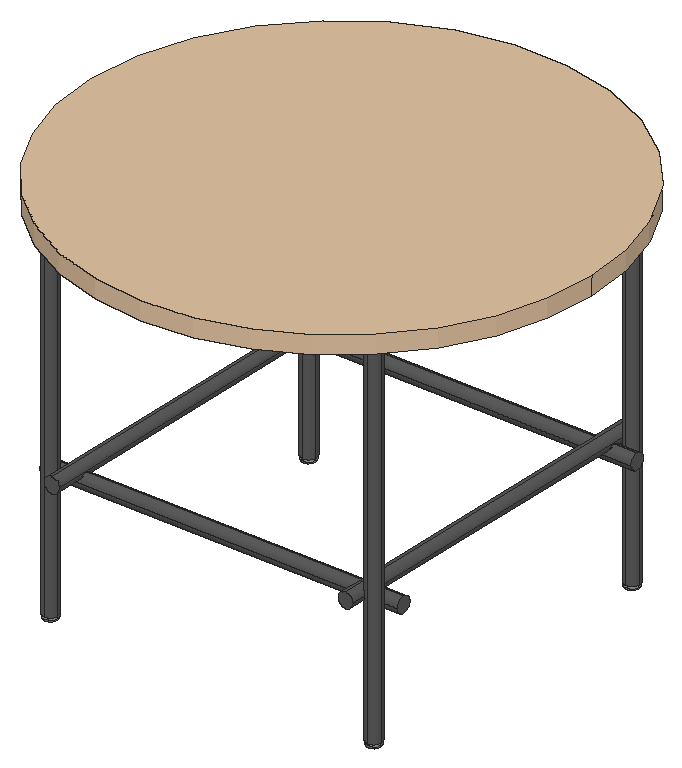
Revit family "FU_Modular_Sandler_NUC0110", category Furniture, Revit 2020
Family settings
  OmniClass Number = 23.40.20.00
  OmniClass Title = General Furniture and Specialties
  Work Plane-Based = No
  Always vertical = Yes
  Cut with Voids When Loaded = No
  Shared = No
  Room Calculation Point = No
Parameters (values of type "NUC0010")
  Width = 500 mm
  URL = "https://www.sandlerseating.com/product/nuc-0010/"
  Top [instance] = Wood - Oak - Natural - V
  Model = "NUC 0010"
  Manufacturer = "Sandler"
  Height = 380 mm
  Frame [instance] = Epoxy - M1_B00 - Black
  Description = "Ottoman on steel frame with upholstered seat. 50cm / 20″ diameter."
  Depth = 500 mm
  Default Elevation = 0 mm
Reference planes
  plane 1 "Center (Front/Back)": y = 0
  plane 2: z = 0
  plane 3 "Center (Left/Right)": x = 0
  plane 4 "Right": x = -250
  plane 5 "Left": x = 250
  plane 6 "Back": y = 250
  plane 7 "Front": y = -250
  plane 8 "Height": z = 380
  plane 9 "Seat base": z = 362
  plane 10 "Right Inner": x = -218
  plane 11 "Front Inner": y = -218
  plane 12 "Left Inner": x = 218
  plane 13 "Back Inner": y = 218
Forms (mm)
  Extrusion 1, solid, material "Wood - Oak - Natural - V" <- "Top"
    sketch origin (0, 0, 362) x (-1, 0, 0) y (0, -1, 0)
      loop
        circle (0, 0) r 250
    from 0 to 18
Dimensions and locks
  equal spacing: plane 4 "Right", plane 3 "Center (Left/Right)", plane 5 "Left"
  "Width": plane 4 "Right" to plane 5 "Left"
  equal spacing: plane 6 "Back", plane 1 "Center (Front/Back)", plane 7 "Front"
  "Depth": plane 6 "Back" to plane 7 "Front"
  "Height": plane 8 "Height" to level
  plane 8 "Height" to plane 9 "Seat base" = 18 mm
  locked: plane 6 "Back" to plane 13 "Back Inner" at 32
  locked: plane 4 "Right" to plane 10 "Right Inner" at 32
  locked: plane 11 "Front Inner" to plane 7 "Front" at 32
  locked: plane 12 "Left Inner" to plane 5 "Left" at 32
  aligned and locked: level to plane 2
Automatic sketch dimensions
  plane 1 "Center (Front/Back)" to Extrusion 1 sketch curve = 0 mm
  Extrusion 1 sketch curve to plane 3 "Center (Left/Right)" = 0 mm
  radius of Extrusion 1 sketch curve = 250 mm
Nested families
  nested 1: "NUC_Frame" at (0, 0, 0), Frame <- "Frame", type "Frame 010"
    with Frame Epoxy - M1_B00 - Black, Height 490 mm
Definition of nested family "NUC_Frame"
  Parameters (values of type "Frame 010")
    Width = 420 mm
    URL = ""
    Model = ""
    Manufacturer = ""
    Height = 495 mm
    Frame [instance] = none
    Description = ""
    Depth = 420 mm
    Default Elevation = 0 mm
  Reference planes
    plane 1 "Center (Front/Back)": y = 0
    plane 2: z = 0
    plane 3 "Center (Left/Right)": x = 0
    plane 4 "Right": x = -210
    plane 5 "Left": x = 210
    plane 6 "Back": y = 210
    plane 7 "Front": y = -210
    plane 8 "Height": z = 495
    plane 9 "Seat base": z = 380
    plane 10 "Cross Right TOP": x = -178.091
    plane 11 "Side Back TOP": y = 177.81
    plane 12 "RL CY TOP": x = -161.061
    plane 13 "RS C TOP": x = -145.848
    plane 14 "BL CX TOP": y = 160.755
    plane 15 "BC C TOP": y = 145.681
    plane 16 "Side Front TOP": y = -177.81
    plane 17 "FL CX TOP": y = -160.755
    plane 18 "FC C TOP": y = -145.229
    plane 19 "Cross Left TOP": x = 178.091
    plane 20 "FL CY TOP": x = 161.061
    plane 21 "LS C TOP": x = 146.785
    plane 22 "Glide FRONT": z = 5.5
    plane 23 "Cross C FRONT": z = 125.125
    plane 24 "Side C RIGHT": z = 132.455
  Forms (mm)
    Sweep 1, solid, material <- "Frame"
      path origin (0, 160.755, 0) x (1, 0, 0) y (0, 0, 1)
        loop
          line (-161.061, 5.5) -> (-161.061, 380)
      profile "Pro_Circles : 15mm" origin (-161.061, 160.755, 192.75) x (-1, 0, 0) y (0, -1, 0)
        loop
          arc (-7.467, 0.067) -> (-5.347, -5.252) -> (-0.067, -7.467) r 7.401
          arc (-0.067, -7.467) -> (5.3, -5.301) -> (7.467, 0.067) r 7.402
          arc (7.467, 0.067) -> (5.252, 5.347) -> (-0.067, 7.467) r 7.401
          arc (-0.067, 7.467) -> (-5.299, 5.299) -> (-7.467, 0.067) r 7.4
    Sweep 2, solid, material <- "Frame"
      path origin (0, -160.755, 0) x (1, 0, 0) y (0, 0, 1)
        loop
          line (-161.061, 5.5) -> (-161.061, 380)
      profile "Pro_Circles : 15mm" origin (-161.061, -160.755, 192.75) x (1, 0, 0) y (0, 1, 0)
        loop
          arc (7.467, 0.067) -> (5.299, 5.299) -> (0.067, 7.467) r 7.4
          arc (0.067, 7.467) -> (-5.252, 5.347) -> (-7.467, 0.067) r 7.401
          arc (-7.467, 0.067) -> (-5.3, -5.301) -> (0.067, -7.467) r 7.402
          arc (0.067, -7.467) -> (5.347, -5.252) -> (7.467, 0.067) r 7.401
    Sweep 3, solid, material <- "Frame"
      path origin (0, 160.755, 0) x (-1, 0, 0) y (0, 0, 1)
        loop
          line (-161.061, 5.5) -> (-161.061, 380)
      profile "Pro_Circles : 15mm" origin (161.061, 160.755, 192.75) x (-1, 0, 0) y (0, -1, 0)
        loop
          arc (7.467, 0.067) -> (5.299, 5.299) -> (0.067, 7.467) r 7.4
          arc (0.067, 7.467) -> (-5.252, 5.347) -> (-7.467, 0.067) r 7.401
          arc (-7.467, 0.067) -> (-5.3, -5.301) -> (0.067, -7.467) r 7.402
          arc (0.067, -7.467) -> (5.347, -5.252) -> (7.467, 0.067) r 7.401
    Sweep 4, solid, material <- "Frame"
      path origin (0, -160.755, 0) x (-1, 0, 0) y (0, 0, 1)
        loop
          line (-161.061, 5.5) -> (-161.061, 380)
      profile "Pro_Circles : 15mm" origin (161.061, -160.755, 192.75) x (1, 0, 0) y (0, 1, 0)
        loop
          arc (-7.467, 0.067) -> (-5.347, -5.252) -> (-0.067, -7.467) r 7.401
          arc (-0.067, -7.467) -> (5.3, -5.301) -> (7.467, 0.067) r 7.402
          arc (7.467, 0.067) -> (5.252, 5.347) -> (-0.067, 7.467) r 7.401
          arc (-0.067, 7.467) -> (-5.299, 5.299) -> (-7.467, 0.067) r 7.4
    Sweep 5, solid, material <- "Frame"
      path origin (0, 145.681, 0) x (1, 0, 0) y (0, 0, 1)
        loop
          line (-178.091, 125.125) -> (178.091, 125.125)
      profile "Pro_Circles : 15mm" origin (0, 145.681, 125.125) x (0, 0, 1) y (0, -1, 0)
        loop
          arc (-7.467, 0.067) -> (-5.347, -5.252) -> (-0.067, -7.467) r 7.401
          arc (-0.067, -7.467) -> (5.3, -5.301) -> (7.467, 0.067) r 7.402
          arc (7.467, 0.067) -> (5.252, 5.347) -> (-0.067, 7.467) r 7.401
          arc (-0.067, 7.467) -> (-5.299, 5.299) -> (-7.467, 0.067) r 7.4
    Sweep 6, solid, material <- "Frame"
      path origin (0, -145.229, 0) x (1, 0, 0) y (0, 0, 1)
        loop
          line (-178.091, 125.125) -> (178.091, 125.125)
      profile "Pro_Circles : 15mm" origin (0, -145.229, 125.125) x (0, 0, -1) y (0, 1, 0)
        loop
          arc (7.467, 0.067) -> (5.299, 5.299) -> (0.067, 7.467) r 7.4
          arc (0.067, 7.467) -> (-5.252, 5.347) -> (-7.467, 0.067) r 7.401
          arc (-7.467, 0.067) -> (-5.3, -5.301) -> (0.067, -7.467) r 7.402
          arc (0.067, -7.467) -> (5.347, -5.252) -> (7.467, 0.067) r 7.401
    Sweep 7, solid, material <- "Frame"
      path origin (0, 0, 132.455) x (0, -1, 0) y (1, 0, 0)
        loop
          line (177.81, -145.848) -> (-177.81, -145.848)
      profile "Pro_Circles : 15mm" origin (-145.848, 0, 132.455) x (-1, 0, 0) y (0, 0, 1)
        loop
          arc (-7.467, 0.067) -> (-5.347, -5.252) -> (-0.067, -7.467) r 7.401
          arc (-0.067, -7.467) -> (5.3, -5.301) -> (7.467, 0.067) r 7.402
          arc (7.467, 0.067) -> (5.252, 5.347) -> (-0.067, 7.467) r 7.401
          arc (-0.067, 7.467) -> (-5.299, 5.299) -> (-7.467, 0.067) r 7.4
    Sweep 8, solid, material <- "Frame"
      path origin (0, 0, 132.455) x (0, -1, 0) y (-1, 0, 0)
        loop
          line (177.81, -146.785) -> (-177.81, -146.785)
      profile "Pro_Circles : 15mm" origin (146.785, 0, 132.455) x (-1, 0, 0) y (0, 0, 1)
        loop
          arc (7.467, 0.067) -> (5.299, 5.299) -> (0.067, 7.467) r 7.4
          arc (0.067, 7.467) -> (-5.252, 5.347) -> (-7.467, 0.067) r 7.401
          arc (-7.467, 0.067) -> (-5.3, -5.301) -> (0.067, -7.467) r 7.402
          arc (0.067, -7.467) -> (5.347, -5.252) -> (7.467, 0.067) r 7.401
    Revolve 9, solid
      sketch origin (0, 160.755, 0) x (1, 0, 0) y (0, 0, 1)
        loop
          line (-168.073, 5.5) -> (-168.073, 2.935)
          arc (-168.073, 2.935) -> (-167.708, 1.769) -> (-166.742, 1.02) r 2.043
          arc (-166.742, 1.02) -> (-163.947, 0.256) -> (-161.061, -0.002) r 16.329
          line (-161.061, -0.002) -> (-161.061, 18.327) -> (-166.144, 18.327) -> (-166.144, 5.5) -> (-168.073, 5.5)
        axis (-161.061, 18.327) -> (-161.061, -0.002)
      angle from 0 to 360
    Revolve 10, solid
      sketch origin (0, 160.755, 0) x (-1, 0, 0) y (0, 0, 1)
        loop
          line (-168.073, 5.5) -> (-168.073, 2.935)
          arc (-168.073, 2.935) -> (-167.708, 1.769) -> (-166.742, 1.02) r 2.043
          arc (-166.742, 1.02) -> (-163.947, 0.256) -> (-161.061, -0.002) r 16.329
          line (-161.061, -0.002) -> (-161.061, 18.327) -> (-166.144, 18.327) -> (-166.144, 5.5) -> (-168.073, 5.5)
        axis (-161.061, 18.327) -> (-161.061, -0.002)
      angle from 0 to 360
    Revolve 11, solid
      sketch origin (0, -160.755, 0) x (1, 0, 0) y (0, 0, 1)
        loop
          line (168.073, 5.5) -> (166.144, 5.5) -> (166.144, 18.327) -> (161.061, 18.327) -> (161.061, -0.002)
          arc (161.061, -0.002) -> (163.947, 0.256) -> (166.742, 1.02) r 16.329
          arc (166.742, 1.02) -> (167.708, 1.769) -> (168.073, 2.935) r 2.043
          line (168.073, 2.935) -> (168.073, 5.5)
        axis (161.061, 18.327) -> (161.061, -0.002)
      angle from 0 to 360
    Revolve 12, solid
      sketch origin (0, -160.755, 0) x (1, 0, 0) y (0, 0, 1)
        loop
          line (-168.073, 5.5) -> (-168.073, 2.935)
          arc (-168.073, 2.935) -> (-167.708, 1.769) -> (-166.742, 1.02) r 2.043
          arc (-166.742, 1.02) -> (-163.947, 0.256) -> (-161.061, -0.002) r 16.329
          line (-161.061, -0.002) -> (-161.061, 18.327) -> (-166.144, 18.327) -> (-166.144, 5.5) -> (-168.073, 5.5)
        axis (-161.061, 18.327) -> (-161.061, -0.002)
      angle from 0 to 360
  Dimensions and locks
    equal spacing: plane 4 "Right", plane 3 "Center (Left/Right)", plane 5 "Left"
    "Width": plane 4 "Right" to plane 5 "Left"
    equal spacing: plane 6 "Back", plane 1 "Center (Front/Back)", plane 7 "Front"
    "Depth": plane 6 "Back" to plane 7 "Front"
    "Height": plane 8 "Height" to level
    plane 8 "Height" to plane 9 "Seat base" = 115 mm
    plane 6 "Back" to plane 11 "Side Back TOP" to plane 14 "BL CX TOP" to plane 15 "BC C TOP" = 32.19 mm locked, 17.055 mm locked, 15.074 mm locked
    plane 4 "Right" to plane 10 "Cross Right TOP" to plane 12 "RL CY TOP" to plane 13 "RS C TOP" = 31.909 mm locked, 17.03 mm locked, 15.213 mm locked
    plane 21 "LS C TOP" to plane 20 "FL CY TOP" to plane 19 "Cross Left TOP" to plane 5 "Left" = 14.275 mm locked, 17.03 mm locked, 31.909 mm locked
    plane 18 "FC C TOP" to plane 17 "FL CX TOP" to plane 16 "Side Front TOP" to plane 7 "Front" = 15.526 mm locked, 17.055 mm locked, 32.19 mm locked
    aligned and locked: level to plane 2
    aligned and locked: plane 9 "Seat base" to Sweep 1 sketch curve
    aligned and locked: plane 22 "Glide FRONT" to Sweep 1 sketch curve
    aligned and locked: plane 19 "Cross Left TOP" to Sweep 5 sketch curve
    aligned and locked: plane 10 "Cross Right TOP" to Sweep 5 sketch curve
    aligned and locked: plane 11 "Side Back TOP" to Sweep 7 sketch curve
    aligned and locked: plane 16 "Side Front TOP" to Sweep 7 sketch curve
  Automatic sketch dimensions
    plane 12 "RL CY TOP" to Sweep 1 sketch curve = 0 mm
    Sweep 2 sketch curve to plane 9 "Seat base" = 0 mm
    plane 12 "RL CY TOP" to Sweep 2 sketch curve = 0 mm
    Sweep 2 sketch curve to plane 22 "Glide FRONT" = 0 mm
    Sweep 3 sketch curve to plane 9 "Seat base" = 0 mm
    Sweep 3 sketch curve to plane 20 "FL CY TOP" = 0 mm
    Sweep 3 sketch curve to plane 22 "Glide FRONT" = 0 mm
    Sweep 4 sketch curve to plane 9 "Seat base" = 0 mm
    Sweep 4 sketch curve to plane 20 "FL CY TOP" = 0 mm
    Sweep 4 sketch curve to plane 22 "Glide FRONT" = 0 mm
    Sweep 5 sketch curve to plane 23 "Cross C FRONT" = 0 mm
    plane 10 "Cross Right TOP" to Sweep 6 sketch curve = 0 mm
    Sweep 6 sketch curve to plane 19 "Cross Left TOP" = 0 mm
    Sweep 6 sketch curve to plane 23 "Cross C FRONT" = 0 mm
    Sweep 7 sketch curve to plane 13 "RS C TOP" = 0 mm
    plane 11 "Side Back TOP" to Sweep 8 sketch curve = 0 mm
    Sweep 8 sketch curve to plane 16 "Side Front TOP" = 0 mm
    Sweep 8 sketch curve to plane 21 "LS C TOP" = 0 mm
    Revolve 9 sketch curve to plane 22 "Glide FRONT" = 0 mm
    plane 12 "RL CY TOP" to Revolve 9 sketch curve = 0 mm  (x2)
    plane 12 "RL CY TOP" to Revolve 9 sketch curve = 4.969 mm
    plane 12 "RL CY TOP" to Revolve 9 sketch curve = 5.083 mm
    Revolve 9 sketch curve to Revolve 9 sketch curve = 1.929 mm
    Revolve 9 sketch curve to plane 12 "RL CY TOP" = 0.006 mm
    Revolve 9 sketch curve to Revolve 9 sketch curve = 2.565 mm
    Revolve 9 sketch curve to level = 0.002 mm
    plane 22 "Glide FRONT" to Revolve 9 sketch curve = 10.827 mm
    Revolve 9 sketch curve to Revolve 9 sketch curve = 2 mm
    Revolve 9 sketch curve to Revolve 9 sketch curve = 3.769 mm
    Revolve 9 sketch curve to Revolve 9 sketch curve = 2.902 mm
    Revolve 10 sketch curve to plane 22 "Glide FRONT" = 0 mm
    Revolve 10 sketch curve to plane 20 "FL CY TOP" = 0 mm  (x2)
    Revolve 10 sketch curve to plane 20 "FL CY TOP" = 4.969 mm
    Revolve 10 sketch curve to plane 20 "FL CY TOP" = 5.083 mm
    Revolve 10 sketch curve to Revolve 10 sketch curve = 1.929 mm
    plane 20 "FL CY TOP" to Revolve 10 sketch curve = 0.006 mm
    plane 22 "Glide FRONT" to Revolve 10 sketch curve = 2.565 mm
    level to Revolve 10 sketch curve = 0.002 mm
    Revolve 10 sketch curve to plane 22 "Glide FRONT" = 10.827 mm
    Revolve 10 sketch curve to Revolve 10 sketch curve = 2 mm
    Revolve 10 sketch curve to Revolve 10 sketch curve = 3.769 mm
    Revolve 10 sketch curve to Revolve 10 sketch curve = 2.902 mm
    Revolve 11 sketch curve to plane 20 "FL CY TOP" = 0 mm  (x2)
    Revolve 11 sketch curve to plane 22 "Glide FRONT" = 0 mm
    plane 20 "FL CY TOP" to Revolve 11 sketch curve = 0.006 mm
    Revolve 11 sketch curve to plane 20 "FL CY TOP" = 4.969 mm
    Revolve 11 sketch curve to plane 20 "FL CY TOP" = 5.083 mm
    Revolve 11 sketch curve to Revolve 11 sketch curve = 1.929 mm
    plane 22 "Glide FRONT" to Revolve 11 sketch curve = 2.565 mm
    level to Revolve 11 sketch curve = 0.002 mm
    Revolve 11 sketch curve to plane 22 "Glide FRONT" = 10.827 mm
    Revolve 11 sketch curve to Revolve 11 sketch curve = 2 mm
    Revolve 11 sketch curve to Revolve 11 sketch curve = 3.769 mm
    Revolve 11 sketch curve to Revolve 11 sketch curve = 2.902 mm
    Revolve 12 sketch curve to plane 22 "Glide FRONT" = 0 mm
    plane 12 "RL CY TOP" to Revolve 12 sketch curve = 0 mm  (x2)
    Revolve 12 sketch curve to plane 12 "RL CY TOP" = 4.969 mm
    Revolve 12 sketch curve to plane 12 "RL CY TOP" = 5.083 mm
    Revolve 12 sketch curve to Revolve 12 sketch curve = 1.929 mm
    plane 12 "RL CY TOP" to Revolve 12 sketch curve = 0.006 mm
    Revolve 12 sketch curve to Revolve 12 sketch curve = 2.565 mm
    level to Revolve 12 sketch curve = 0.002 mm
    Revolve 12 sketch curve to plane 22 "Glide FRONT" = 10.827 mm
    Revolve 12 sketch curve to Revolve 12 sketch curve = 2 mm
    Revolve 12 sketch curve to Revolve 12 sketch curve = 3.769 mm
    Revolve 12 sketch curve to Revolve 12 sketch curve = 2.902 mm
